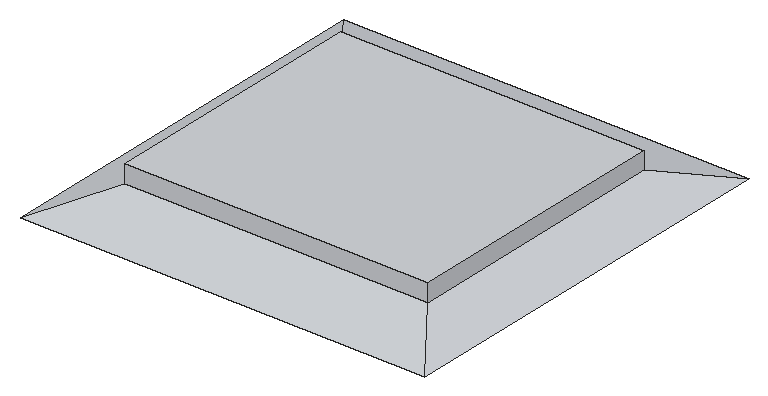
Revit family "M_Difusor de fornecimento - Pescoço retangular com face retangular", category Terminais de ar, Revit 2019
Family settings
  Cota do conector redondo = Utilizar diâmetro
  Tipo de parte = Normal
  Número OmniClass = 23.75.70.21.27.11
  Título OmniClass = Diffusers, Registers, and Grilles
  ID de item do Seek = Supply Diffuser - Rectangular Face Rectangular Neck-0000-CAN-ENU
  Com base no plano de trabalho = Não
  Sempre na vertical = Sim
  Corte com vazios quando carregada = Não
  Compartilhado = Não
  Ponto de cálculo do ambiente = Não
Parameters (values of type "600x600 - 400x450 Pescoço")
  Largura 1 = Largura do difusor * 0.65  # 390 mm
  UpFlowArrow [instance] = yes
  Queda de pressão [instance] = 14.0 Pa
  RightFlowArrow [instance] = yes
  Comprimento = if(Largura do difusor > Altura do difusor, Largura do difusor, Altura do difusor)  # 600 mm
  LeftFlowArrow [instance] = yes
  Altura 1 = Altura do difusor * 0.65  # 390 mm
  Fluxo [instance] = 235.0 L/s
  Largura do duto = 450 mm
  Altura do duto = 400 mm
  DownFlowArrow [instance] = yes
  Altura do difusor = 600 mm
  Largura do difusor = 600 mm
  Assembly Code = ""
Types (30, lengths in mm): name | Largura 1 | Comprimento | Largura do duto | Altura do duto | Largura do difusor
  600x600 - 400x450 Pescoço | 390 | 600 | 450 | 400 | 600
  600x1200 - 400x700 Pescoço | 780 | 1200 | 700 | 400 | 1200
  600x1200 - 400x750 Pescoço | 780 | 1200 | 750 | 400 | 1200
  600x1200 - 400x800 Pescoço | 780 | 1200 | 800 | 400 | 1200
  600x1200 - 400x900 Pescoço | 780 | 1200 | 900 | 400 | 1200
  600x1200 - 375x975 Pescoço | 780 | 1200 | 975 | 375 | 1200
  600x1200 - 400x1050 Pescoço | 780 | 1200 | 1050 | 400 | 1200
  600x1200 - 400x1150 Pescoço | 780 | 1200 | 1150 | 400 | 1200
  600x1200 - 450x300 Pescoço | 780 | 1200 | 300 | 450 | 1200
  600x1200 - 450x400 Pescoço | 780 | 1200 | 400 | 450 | 1200
  600x1200 - 450x500 Pescoço | 780 | 1200 | 500 | 450 | 1200
  600x1200 - 450x600 Pescoço | 780 | 1200 | 600 | 450 | 1200
  600x1200 - 450x700 Pescoço | 780 | 1200 | 700 | 450 | 1200
  600x1200 - 450x750 Pescoço | 780 | 1200 | 750 | 450 | 1200
  600x1200 - 450x800 Pescoço | 780 | 1200 | 800 | 450 | 1200
  600x1200 - 450x900 Pescoço | 780 | 1200 | 900 | 450 | 1200
  600x1200 - 450x1000 Pescoço | 780 | 1200 | 1000 | 450 | 1200
  600x1200 - 450x1050 Pescoço | 780 | 1200 | 1050 | 450 | 1200
  600x1200 - 450x1100 Pescoço | 780 | 1200 | 1100 | 450 | 1200
  600x1200 - 500x300 Pescoço | 780 | 1200 | 300 | 500 | 1200
  600x1200 - 500x400 Pescoço | 780 | 1200 | 400 | 500 | 1200
  600x1200 - 500x450 Pescoço | 780 | 1200 | 450 | 500 | 1200
  600x1200 - 500x600 Pescoço | 780 | 1200 | 600 | 500 | 1200
  600x1200 - 500x700 Pescoço | 780 | 1200 | 700 | 500 | 1200
  600x1200 - 500x750 Pescoço | 780 | 1200 | 750 | 500 | 1200
  600x1200 - 500x800 Pescoço | 780 | 1200 | 800 | 500 | 1200
  600x1200 - 500x900 Pescoço | 780 | 1200 | 900 | 500 | 1200
  600x1200 - 500x1000 Pescoço | 780 | 1200 | 1000 | 500 | 1200
  600x1200 - 500x1050 Pescoço | 780 | 1200 | 1050 | 500 | 1200
  600x1200 - 500x1100 Pescoço | 780 | 1200 | 1100 | 500 | 1200
Reference planes
  plane 1 "Centro (Frente/Trás)": y = 0
  plane 2: z = 0
  plane 3 "Centro (Esquerda/Direita)": x = 0
  plane 4: y = 457.2
  plane 5: x = 457.2
  plane 6: y = -457.2
  plane 7: x = -457.2
Forms (mm)
  Blend 1, solid
    base sketch origin (0, 0, 0) x (1, 0, 0) y (0, 1, 0)
      loop
        line (-300, 300) -> (-300, -300) -> (300, -300) -> (300, 300) -> (-300, 300)
    top sketch origin (0, 0, 0) x (1, 0, 0) y (0, 1, 0)
      loop
        line (-225, 200) -> (-225, -200) -> (225, -200) -> (225, 200) -> (-225, 200)
    from 0 to 28.575
  Extrusion 2, solid
    sketch origin (0, 0, 28.575) x (1, 0, 0) y (0, 1, 0)
      loop
        line (-225, 200) -> (-225, -200) -> (225, -200) -> (225, 200) -> (-225, 200)
    from 0 to 25.4
Cuts and joins
  joined: Blend 1, Extrusion 2
Lines and regions (mm)
  symbolic lines
    curve 1: line (-300, 300, 0) -> (300, -300, 0)
    curve 2: line (-300, -300, 0) -> (300, 300, 0)
    curve 3: line (-300, 300, 0) -> (-300, -300, 0)
    curve 4: line (-300, -300, 0) -> (300, -300, 0)
    curve 5: line (300, -300, 0) -> (300, 300, 0)
    curve 6: line (300, 300, 0) -> (-300, 300, 0)
Dimensions and locks
  equal spacing: Blend 1 sketch curve, plane 3 "Centro (Esquerda/Direita)", Blend 1 sketch curve  (x2)
  equal spacing: Blend 1 sketch curve, plane 1 "Centro (Frente/Trás)", Blend 1 sketch curve  (x2)
  "Largura do difusor": Blend 1 sketch curve to Blend 1 sketch curve
  "Altura do difusor": Blend 1 sketch curve to Blend 1 sketch curve
  "Largura do duto": Blend 1 sketch curve to Blend 1 sketch curve
  "Altura do duto": Blend 1 sketch curve to Blend 1 sketch curve
  "Altura 1": nested 2 to plane 1 "Centro (Frente/Trás)"
  "Largura 1": nested 1 to plane 3 "Centro (Esquerda/Direita)"
  "Altura 1": nested 4 to plane 1 "Centro (Frente/Trás)"
  "Largura 1": plane 3 "Centro (Esquerda/Direita)" to nested 3
  aligned and locked: Extrusion 2 sketch curve to Blend 1  (x4)
  aligned and locked: curve 3 to cut or joined group of Blend 1, Extrusion 2
  aligned and locked: curve 4 to cut or joined group of Blend 1, Extrusion 2
  aligned and locked: curve 5 to cut or joined group of Blend 1, Extrusion 2
  aligned and locked: curve 6 to cut or joined group of Blend 1, Extrusion 2
  aligned and locked: plane 3 "Centro (Esquerda/Direita)" to nested 2
  aligned and locked: nested 1 to plane 1 "Centro (Frente/Trás)"
  aligned and locked: nested 4 to plane 3 "Centro (Esquerda/Direita)"
  aligned and locked: plane 1 "Centro (Frente/Trás)" to nested 3
Nested families
  nested 1: "M_Seta do terminal do duto" at (-390, 0, 0) x (-1, 0, 0) z (0, 0, 1), visible <- "LeftFlowArrow", type "Seta do terminal do duto"
  nested 2: "M_Seta do terminal do duto" at (0, 390, 0) x (0, 1, 0) z (0, 0, 1), visible <- "UpFlowArrow", type "Seta do terminal do duto"
  nested 3: "M_Seta do terminal do duto" at (390, 0, 0), visible <- "RightFlowArrow", type "Seta do terminal do duto"
  nested 4: "M_Seta do terminal do duto" at (0, -390, 0) x (0, -1, 0) z (0, 0, 1), visible <- "DownFlowArrow", type "Seta do terminal do duto"
Connectors
  hvac at (0, 0, 53.975), driven by "Altura do duto", driven by "Largura do duto", driven by "Fluxo", driven by "Queda de pressão"
    settings: on cut or joined group of Blend 1, Extrusion 2, index 0, duct flow 235.0 L/s, flow factor 0, pres drop 14.0 Pa, loss coef 0, conn angle 0.00°, conn width 450 mm, conn height 400 mm, conn diameter 609.6 mm, duct sys type 1, conn prof type 1, flow config 1, flow direction 1, loss method 4, conn ref index -1, conn util no, is conn primary yes, conn desc ""
Definition of nested family "M_Seta do terminal do duto"
  Parameters
    Largura = (Comprimento / 2) / cos(15.00°)  # 25.882 mm
    Comprimento = 50 mm
  Reference planes
    plane 1 "Centro (Frente/Trás)": y = 0
    plane 2: z = 0
    plane 3 "Centro (Esquerda/Direita)": x = 0
  Lines and regions (mm)
    Filled region 1, type "Bloco de concreto", in view "Nível de referência"
      outline origin (0, 0, 0) x (1, 0, 0) y (0, 1, 0)
        loop
          line (25, 6.699) -> (25, -6.699) -> (50, 0) -> (25, 6.699)
    detail lines, in view "Nível de referência"
      curve 1: line (0, 0, 0) -> (50, 0, 0)
      curve 2: line (50, 0, 0) -> (25, 6.699, 0)
      curve 3: line (50, 0, 0) -> (25, -6.699, 0)
      curve 4: line (25, 6.699, 0) -> (25, -6.699, 0)
  Dimensions and locks
    "Comprimento": curve 1 to curve 1
    "Largura": curve 2 to curve 2
    "Largura": curve 3 to curve 3
    locked: curve 2 to curve 1 (angle 15.00°)
    locked: curve 1 to curve 3 (angle 15.00°)
    aligned and locked: plane 3 "Centro (Esquerda/Direita)" to curve 1
    aligned and locked: plane 1 "Centro (Frente/Trás)" to curve 1
    aligned and locked: Filled region 1 sketch curve to curve 4
    aligned and locked: Filled region 1 sketch curve to curve 2
    aligned and locked: Filled region 1 sketch curve to curve 3
